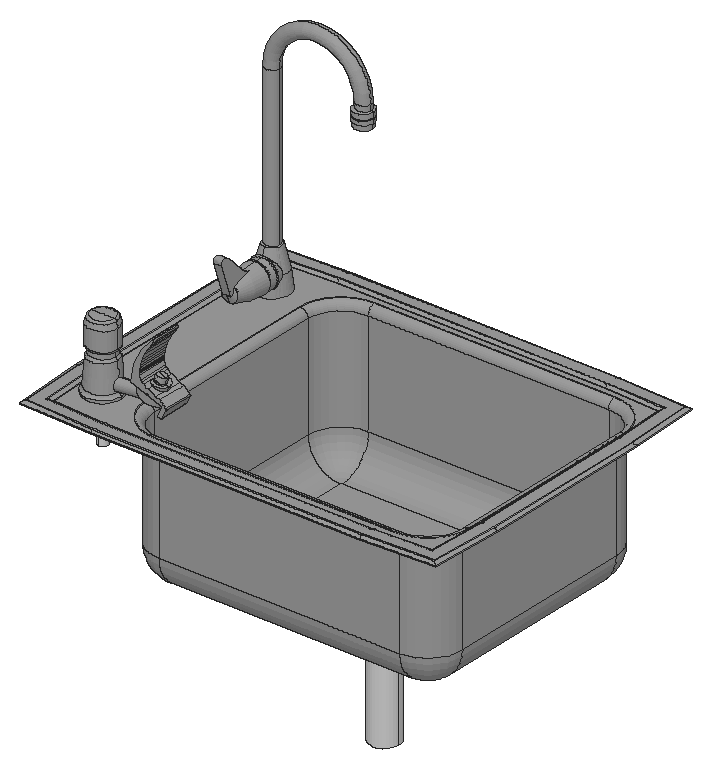
Revit family "equip-sink-clsrm-elkay-s-lustrtne-drkr2217lc", category Plumbing Fixtures, Revit 2019 (continued)
Definition of nested family "equip-bubbler-elkay-LK1141A"
  Automatic sketch dimensions
    Extrusion 4 sketch curve to Extrusion 4 sketch curve = 0' - 0.02134"
    Extrusion 4 sketch curve to Extrusion 4 sketch curve = 0' - 0.15941"
    plane 8 "Masking Region" to Extrusion 4 sketch curve = 0' - 0.25743"
    Extrusion 4 sketch curve to Extrusion 4 sketch curve = 0' - 0.46368"
    Extrusion 4 sketch curve to Extrusion 4 sketch curve = 0' - 0.13821"
    Extrusion 4 sketch curve to Extrusion 4 sketch curve = 0' - 0.20225"
    Extrusion 4 sketch curve to Extrusion 4 sketch curve = 0' - 0.11353"
    plane 8 "Masking Region" to Extrusion 4 sketch curve = 0' - 0.50139"
    Extrusion 4 sketch curve to Extrusion 4 sketch curve = 0' - 0.06529"
    Extrusion 4 sketch curve to Extrusion 4 sketch curve = 0' - 0.05449"
    plane 8 "Masking Region" to Extrusion 4 sketch curve = 0' - 0.58523"
    Extrusion 4 sketch curve to Extrusion 4 sketch curve = 0' - 0.04973"
    Extrusion 4 sketch curve to Extrusion 4 sketch curve = 0' - 0.04077"
    Extrusion 4 sketch curve to Extrusion 4 sketch curve = 0' - 0.03095"
    plane 8 "Masking Region" to Extrusion 4 sketch curve = 0' - 0.79129"
    Extrusion 4 sketch curve to Extrusion 4 sketch curve = 0' - 0.0691"
    Extrusion 4 sketch curve to Extrusion 4 sketch curve = 0' - 0.02318"
    plane 8 "Masking Region" to Extrusion 4 sketch curve = 0' - 0.99254"
    Extrusion 4 sketch curve to Extrusion 4 sketch curve = 0' - 0.00573"
    plane 8 "Masking Region" to Extrusion 4 sketch curve = 0' - 0.84887"
    Extrusion 4 sketch curve to Extrusion 4 sketch curve = 0' - 0.00775"
    plane 8 "Masking Region" to Extrusion 4 sketch curve = 0' - 0.94879"
    Extrusion 4 sketch curve to Extrusion 4 sketch curve = 0' - 0.00346"
    plane 8 "Masking Region" to Extrusion 4 sketch curve = 0' - 0.90116"
    Extrusion 4 sketch curve to Extrusion 4 sketch curve = 0' - 0.00067"
    plane 8 "Masking Region" to Extrusion 4 sketch curve = 0' - 0.29542"
    Extrusion 4 sketch curve to Extrusion 4 sketch curve = 0' - 0.54782"
    Extrusion 4 sketch curve to Extrusion 4 sketch curve = 0' - 0.037"
    Extrusion 4 sketch curve to Extrusion 4 sketch curve = 0' - 0.01821"
    Extrusion 4 sketch curve to Extrusion 4 sketch curve = 0' - 0.08332"
    Extrusion 4 sketch curve to Extrusion 4 sketch curve = 0' - 0.04079"
    Extrusion 4 sketch curve to Extrusion 4 sketch curve = 0' - 0.11952"
    Extrusion 4 sketch curve to Extrusion 4 sketch curve = 0' - 0.1288"
    Extrusion 4 sketch curve to Extrusion 4 sketch curve = 0' - 0.13956"
    Extrusion 4 sketch curve to Extrusion 4 sketch curve = 0' - 0.15222"
    Extrusion 4 sketch curve to Extrusion 4 sketch curve = 0' - 0 33/128"
    Extrusion 4 sketch curve to Extrusion 4 sketch curve = 0' - 0.2453"
    Extrusion 4 sketch curve to Extrusion 4 sketch curve = 0' - 0.2277"
    Extrusion 4 sketch curve to Extrusion 4 sketch curve = 0' - 0.02776"
    Extrusion 4 sketch curve to Extrusion 4 sketch curve = 0' - 0.0293"
    Extrusion 4 sketch curve to Extrusion 4 sketch curve = 0' - 0.02797"
    Extrusion 4 sketch curve to Extrusion 4 sketch curve = 0' - 0.02645"
    Extrusion 4 sketch curve to Extrusion 4 sketch curve = 0' - 0.1387"
    Extrusion 4 sketch curve to Extrusion 4 sketch curve = 0' - 0.03586"
    Extrusion 4 sketch curve to Extrusion 4 sketch curve = 0' - 0.01837"
    plane 8 "Masking Region" to Revolve 3 sketch curve = 0' - 0.60143"
    Revolve 3 sketch curve to plane 6 = 0' - 2.55789"
    plane 8 "Masking Region" to Revolve 3 sketch curve = 0' - 0.67547"
    Revolve 3 sketch curve to Revolve 3 sketch curve = 0' - 0.20343"
    plane 8 "Masking Region" to Revolve 3 sketch curve = 0' - 0.00034"
    Revolve 3 sketch curve to Revolve 3 sketch curve = 0' - 0.21399"
    plane 8 "Masking Region" to Revolve 3 sketch curve = 0' - 0.48632"
    Revolve 3 sketch curve to Revolve 3 sketch curve = 0' - 0.13244"
    Revolve 3 sketch curve to plane 8 "Masking Region" = 0' - 0.41205"
    Revolve 3 sketch curve to Revolve 3 sketch curve = 0' - 0.14681"
    plane 8 "Masking Region" to Revolve 3 sketch curve = 0' - 0.41207"
    Revolve 3 sketch curve to Revolve 3 sketch curve = 0' - 0.02702"
    Revolve 3 sketch curve to plane 8 "Masking Region" = 0' - 0.52147"
    Revolve 3 sketch curve to Revolve 3 sketch curve = 0' - 0.03895"
    plane 8 "Masking Region" to Revolve 3 sketch curve = 0' - 0.47756"
    plane 8 "Masking Region" to Revolve 3 sketch curve = 0' - 0.18859"
    Revolve 3 sketch curve to plane 8 "Masking Region" = 0' - 0.54909"
    Revolve 3 sketch curve to Revolve 3 sketch curve = 0' - 0.27066"
    plane 8 "Masking Region" to Revolve 3 sketch curve = 0' - 0.2938"
    Revolve 3 sketch curve to plane 8 "Masking Region" = 0' - 0.13403"
    Revolve 3 sketch curve to Revolve 3 sketch curve = 0' - 0.15571"
    radius of Sweep 2 sketch curve = 0' - 0 5/16"
    radius of curve 4 = 0' - 0.75014"
  Connectors (in)
    piping at (0, 0, -2.396449), diameter 0.5, driven by "Nominal Radius", driven by "CW Flow Rate"
      settings: on Extrusion 5, index 1, connector inside diameter 1/2", connector length 0' - 0", flow factor 0, pipe flow 2 GPM, pressure drop 0.00 psi, fitting loss kfactor 0, connector angle 0.00°, fixture units 0, engagement length 0' - 0", angle of deflection 0.00°, flow configuration 1, flow direction 1, fitting loss method 0, system type 29, joint type 0, gender type 0, connector reference index -1, connector utility 0, adjustable connector no, is connector primary yes, connector description "Cold Water Supply"
Definition of nested family "equip-faucet-elkay-LKD208513-L"
  Parameters
    Type Comments = ""
    Stem Material = none
    OmniClass Title = "Mixing Faucets"
    OmniClass Code = "23.45.55.17"
    Nominal Radius = Nominal Dia / 2  # 0' - 0 3/16"
    Nominal Dia = 0' - 0 3/8"
    Model = ""
    MasterFormat Title = "Commercial Faucets"
    MasterFormat Number = "22 42 39"
    Manufacturer = "Elkay"
    Keynote = ""
    HW Flow Rate = 2 GPM
    Faucet Material = none
    Description = ""
    Default Elevation = 3' - 0"
    Cost = 0
    CW Flow Rate = 2 GPM
    Assembly Code = "D2010900"
  Reference planes (in)
    plane 1 "Center (Front/Back)": y = 0
    plane 2 "Sink Deck": z = 0
    plane 3 "Center (Left/Right)": x = 0
    plane 4 "Bottom of Stem": z = -2.12225
    plane 5 "Masking Region": z = 1.25
    plane 6 "CL Back Conn": y = 0.2499908
    plane 7 "CL Front Conn": y = -0.2500092
    plane 8 "Back": y = 0.8717634
    plane 9 "Front": y = -0.8748039
    plane 10 "Right": x = 2.8962735
    plane 11 "Left": x = -2.8962735
  Forms (in)
    Sweep 1, solid, material <- "Faucet Material"
      path origin (0, 0, 0) x (0, 1, 0) y (0, 0, 1)
        loop
          line (0, 2.125) -> (0, 10.3750001)
          arc (0, 10.3750001) -> (-2.3752703, 12.75) -> (-4.7499999, 10.3744594) r 2.375
          line (-4.7499999, 10.3744594) -> (-4.7499999, 9.5941003)
      profile origin (0, 0, 6.25) x (0, -1, 0) y (1, 0, 0)
        loop
          circle (0, 0) r 0.375
    Revolve 2, solid, material <- "Faucet Material"
      sketch origin (0, 0, 0) x (1, 0, 0) y (0, 0, 1)
        loop
          line (0, 2.232) -> (0, 0) -> (0.8752501, 0)
          arc (0.8752501, 0) -> (0.8420182, 0.4847188) -> (0.7752433, 0.9659649) r 7
          arc (0.7752433, 0.9659649) -> (0.6469792, 1.5520504) -> (0.4690001, 2.125) r 7
          line (0.4690001, 2.125) -> (0.29525, 2.232) -> (0, 2.232)
        axis (0, 2.232) -> (0, 0)
      angle from 0 to 360
    Revolve 3, solid, material <- "Faucet Material"
      sketch origin (0, 0, 0) x (0, 1, 0) y (0, 0, 1)
        loop
          line (-4.7499999, 10.1878591) -> (-5.0554325, 10.1878591)
          arc (-5.0554325, 10.1878591) -> (-5.1404736, 10.0854811) -> (-5.2659999, 10.0412501) r 0.25
          line (-5.2659999, 10.0412501) -> (-5.266, 9.8112501) -> (-5.1775, 9.8112501) -> (-5.1775, 9.7152501) -> (-5.2625, 9.7152501) -> (-5.2625, 9.5302501) -> (-5.2307425, 9.5302501) -> (-5.2307425, 9.2652501) -> (-4.7499999, 9.2652501) -> (-4.7499999, 10.1878591)
        axis (-4.7499999, 10.1878591) -> (-4.7499999, 9.2652501)
      angle from 0 to 360
    Extrusion 4, solid, material <- "Stem Material"
      sketch origin (0, 0, 0) x (1, 0, 0) y (0, 1, 0)
        loop
          circle (0, -0.2500092) r 0.1875
      from -2.12225 to 0
    Extrusion 5, solid, material <- "Faucet Material"
      sketch origin (0, 0, 0) x (1, 0, 0) y (0, 0, 1)
        loop
          spline (-2.8962735, 2.6289157) -> (-2.9779129, 2.7023092) -> (-3.0612746, 2.7664581) -> (-3.143882, 2.8194563) -> (-3.2232804, 2.859729) -> (-3.2971108, 2.8860797) -> (-3.3631795, 2.8977255) -> (-3.4195233, 2.8943201) -> (-3.4644682, 2.875965) -> (-3.4966788, 2.8432054) -> (-3.5151979, 2.7970148) -> (-3.5194754, 2.7387654) -> (-3.5093841, 2.6701882)
          arc (-3.5093841, 2.6701882) -> (-3.2673467, 1.8076982) -> (-2.9532815, 0.96875) r 10.589852
          line (-2.9532815, 0.96875) -> (-1.7211454, 0.96875) -> (-1.7211454, 1.6265447) -> (-1.9586423, 1.7097506)
          arc (-1.9586423, 1.7097506) -> (-2.0664564, 1.762824) -> (-2.1584935, 1.8400887) r 0.5
          line (-2.1584935, 1.8400887) -> (-2.8962735, 2.6289157)
      from -0.2070313 to 0.2070313
    Revolve 6, solid, material <- "Faucet Material"
      sketch origin (0, 0, 0) x (1, 0, 0) y (0, 0, 1)
        loop
          line (-2.9532815, 0.96875) -> (-1.02025, 0.96875) -> (-1.02025, 1.49375) -> (-1.1349999, 1.49375) -> (-1.1349999, 1.73375)
          arc (-1.1349999, 1.73375) -> (-1.9602788, 1.6454009) -> (-2.7555227, 1.40775) r 4.5234572
          arc (-2.7555227, 1.40775) -> (-2.8568974, 1.189374) -> (-2.9532815, 0.96875) r 10.589852
        axis (-2.9532815, 0.96875) -> (-1.02025, 0.96875)
      angle from 0 to 360
    Extrusion 7, solid, material <- "Stem Material"
      sketch origin (0, 0, 0) x (1, 0, 0) y (0, 1, 0)
        loop
          circle (0, 0.2499908) r 0.1875
      from -2.12225 to 0
    Revolve 8, solid, material <- "Faucet Material"
      sketch origin (0, 0, 0) x (1, 0, 0) y (0, 0, 1)
        loop
          line (-1.02025, 0.96875) -> (0, 0.96875) -> (0, 1.6286896) -> (-0.5804985, 1.7627082)
          arc (-0.5804985, 1.7627082) -> (-0.615052, 1.7310048) -> (-0.660637, 1.7200021) r 0.09375
          arc (-0.660637, 1.7200021) -> (-0.840466, 1.7205601) -> (-1.02025, 1.7164984) r 7
          line (-1.02025, 1.7164984) -> (-1.02025, 0.96875)
        axis (-1.02025, 0.96875) -> (0, 0.96875)
      angle from 0 to 360
  Cuts and joins
    joined: Extrusion 5, Revolve 6
    joined: Revolve 2, Revolve 8
  Lines and regions (in)
    Masking region 1
      outline origin (0, 0, 1.25) x (0, -1, 0) y (1, 0, 0)
        loop
          arc (0.7920052, 0.3718698) -> (-0.8717634, -0.0008665) -> (0.7927429, -0.3702945) r 0.8734425
          arc (0.7927429, -0.3702945) -> (0.8748039, 0.0008696) -> (0.7920052, 0.3718698) r 0.876483
    Masking region 2
      outline origin (0, 0, 1.25) x (0, -1, 0) y (1, 0, 0)
        loop
          arc (0, 0.375) -> (-0.375, 0) -> (0, -0.375) r 0.375
          line (0, -0.375) -> (4.4325976, -0.375)
          arc (4.4325976, -0.375) -> (5.271116, 0) -> (4.4325976, 0.375) r 0.5031124
          line (4.4325976, 0.375) -> (0, 0.375)
    Masking region 3
      outline origin (0, 0, 1.25) x (0, -1, 0) y (1, 0, 0)
        loop
          line (0.525, -1.02025) -> (0.748021, -1.02025) -> (0.7508321, -0.6354943)
          arc (0.7508321, -0.6354943) -> (0.7633642, -0.5985315) -> (0.7954714, -0.5763407) r 0.0621162
          line (0.7954714, -0.5763407) -> (0.7688415, -0.3997583)
          arc (0.7688415, -0.3997583) -> (-0.0004519, -0.8667545) -> (-0.768544, -0.397785) r 0.8653064
          line (-0.768544, -0.397785) -> (-0.7954714, -0.5763407)
          arc (-0.7954714, -0.5763407) -> (-0.7633642, -0.5985315) -> (-0.7508321, -0.6354943) r 0.0621162
          line (-0.7508321, -0.6354943) -> (-0.748021, -1.02025) -> (-0.525, -1.02025) -> (-0.525, -1.1349999) -> (-0.765, -1.1349999)
          arc (-0.765, -1.1349999) -> (-0.6767038, -1.9602911) -> (-0.4389654, -2.7555157) r 4.5192596
          line (-0.4389654, -2.7555157) -> (-0.2070313, -2.8630131) -> (0.2070313, -2.8630131) -> (0.4389654, -2.7555157)
          arc (0.4389654, -2.7555157) -> (0.6767038, -1.9602911) -> (0.765, -1.1349999) r 4.5192596
          line (0.765, -1.1349999) -> (0.525, -1.1349999) -> (0.525, -1.02025)
    Masking region 4
      outline origin (0, 0, 1.25) x (0, -1, 0) y (1, 0, 0)
        loop
          line (0.2070313, -3.5197715) -> (0.2070313, -1.4017801) -> (-0.2070312, -1.4017801) -> (-0.2070312, -3.5197715) -> (0.2070313, -3.5197715)
    reference lines, not visible
      curve 1: line (0, 0, 0.2813991) -> (0, 0, 2.8483181)
      curve 2: line (0, 0, 2.4508523) -> (0, 0, 0.2813991)
      curve 3: line (0, 0, 2.4508523) -> (0, 0, 0.2813991)
      curve 4: line (0, 0, 7.0063991) -> (0, 0, 0.2813991)
      curve 5: line (0, 0, 6.2563991) -> (0, 0, 0.2813991)
      curve 6: line (0, 0, 2.6763937) -> (0, 0, 1.3263991)
      curve 7: line (0, 0, 2.9662485) -> (0, 0, 0.2813991)
      curve 8: line (0, 0, 3.4210792) -> (0, 0, 0.2813991)
      curve 10: line (0, 0, 0.2813991) -> (0, 0, 2.8483181)
      curve 11: line (0, 0, 2.4508523) -> (0, 0, 0.2813991)
      curve 12: line (0, 0, 2.4508523) -> (0, 0, 0.2813991)
      curve 13: line (0, 0, 7.0063991) -> (0, 0, 0.2813991)
      curve 14: line (0, 0, 6.2563991) -> (0, 0, 0.2813991)
      curve 15: line (0, 0, 2.6763937) -> (0, 0, 1.3263991)
      curve 16: line (0, 0, 2.9662485) -> (0, 0, 0.2813991)
      curve 17: line (0, 0, 3.4210792) -> (0, 0, 0.2813991)
    symbolic lines
      curve 9: arc (0.375, -0.3283046, 1.25) -> (0, 0.4984063, 1.25) -> (-0.375, -0.3283046, 1.25) r 0.4984063
      curve 18: line (-0.5756114, -0.7954714, 1.25) -> (-0.5756114, -0.6480323, 1.25)
      curve 19: line (-1.02025, 0.525, 1.25) -> (-1.02025, -0.525, 1.25)
      curve 20: line (-1.1349999, 0.525, 1.25) -> (-1.1349999, -0.525, 1.25)
      curve 21: line (-0.5756114, 0.7954714, 1.25) -> (-0.5756114, 0.6480323, 1.25)
      curve 24: line (0.375, -4.7693411, 0) -> (0.375, -4.4325976, 0)
      curve 25: arc (-0.375, -4.7693411, 0) -> (0, -5.1443411, 0) -> (0.375, -4.7693411, 0) r 0.375
      curve 26: line (-0.375, -4.4325976, 0) -> (-0.375, -4.7693411, 0)
    reference lines
      curve 22: circle (0, 0.2499908, 0) r 0.1875 normal (0, 0, 1)
      curve 23: circle (0, -0.2500092, 0) r 0.1875 normal (0, 0, 1)
  Dimensions and locks (in)
    locked: plane 5 "Masking Region" to plane 2 "Sink Deck" at 1.25
    "Nominal Radius": radius of curve 22
    "Nominal Radius": radius of curve 23
    aligned and locked: Extrusion 4 sketch curve to curve 23
    aligned and locked: Extrusion 7 sketch curve to curve 22
    aligned and locked: Extrusion 7 to plane 4 "Bottom of Stem"
    aligned and locked: Extrusion 4 to plane 4 "Bottom of Stem"
    aligned and locked: plane 2 "Sink Deck" to Extrusion 7
    aligned and locked: plane 2 "Sink Deck" to Extrusion 4
  Automatic sketch dimensions
    curve 23 to plane 3 "Center (Left/Right)" = 0' - 0"
    curve 22 to plane 3 "Center (Left/Right)" = 0' - 0"
    curve 23 to plane 7 "CL Front Conn" = 0' - 0"
    curve 22 to plane 6 "CL Back Conn" = 0' - 0"
    curve 1 to plane 1 "Center (Front/Back)" = 0' - 0"
    curve 2 to plane 1 "Center (Front/Back)" = 0' - 0"
    curve 3 to plane 1 "Center (Front/Back)" = 0' - 0"
    curve 4 to plane 1 "Center (Front/Back)" = 0' - 0"
    curve 5 to plane 1 "Center (Front/Back)" = 0' - 0"
    curve 6 to plane 1 "Center (Front/Back)" = 0' - 0"
    curve 7 to plane 1 "Center (Front/Back)" = 0' - 0"
    curve 8 to plane 1 "Center (Front/Back)" = 0' - 0"
    curve 10 to plane 1 "Center (Front/Back)" = 0' - 0"
    curve 11 to plane 1 "Center (Front/Back)" = 0' - 0"
    curve 12 to plane 1 "Center (Front/Back)" = 0' - 0"
    curve 13 to plane 1 "Center (Front/Back)" = 0' - 0"
    curve 14 to plane 1 "Center (Front/Back)" = 0' - 0"
    curve 15 to plane 1 "Center (Front/Back)" = 0' - 0"
    curve 16 to plane 1 "Center (Front/Back)" = 0' - 0"
    curve 17 to plane 1 "Center (Front/Back)" = 0' - 0"
    level to curve 1 = 0' - 0.2814"
    curve 16 to curve 1 = 0' - 0"
    curve 14 to curve 16 = 0' - 0"
    curve 2 to curve 14 = 0' - 0"
    curve 13 to curve 14 = 0' - 0"
    curve 3 to curve 2 = 0' - 0"
    curve 12 to curve 13 = 0' - 0"
    curve 4 to curve 2 = 0' - 0"
    curve 11 to curve 12 = 0' - 0"  (x2)
    curve 5 to curve 4 = 0' - 0"
    curve 10 to curve 1 = 0' - 0"  (x2)
    curve 8 to curve 2 = 0' - 0"
    curve 7 to curve 8 = 0' - 0"
    curve 17 to curve 11 = 0' - 0"
    plane 5 "Masking Region" to curve 6 = 0' - 0.0764"
    curve 15 to curve 6 = 0' - 0"  (x2)
    curve 6 to curve 3 = 0' - 1.12445"
    curve 12 to curve 3 = 0' - 0"
    curve 2 to curve 3 = 0' - 0"
    curve 2 to curve 6 = 0' - 0.22554"
    curve 6 to curve 1 = 0' - 0.17192"
    curve 1 to curve 16 = 0' - 0.11793"
    curve 7 to curve 16 = 0' - 0"
    curve 7 to curve 17 = 0' - 0.45483"
    curve 8 to curve 17 = 0' - 0"
    curve 8 to curve 5 = 0' - 2.83532"
    curve 14 to curve 5 = 0' - 0"
    curve 5 to curve 13 = 0' - 0 3/4"
    curve 4 to curve 13 = 0' - 0"
    Sweep 1 sketch curve to plane 1 "Center (Front/Back)" = 0' - 0"
    Sweep 1 sketch curve to Sweep 1 sketch curve = 0' - 2 3/8"
    plane 5 "Masking Region" to Sweep 1 sketch curve = 0' - 0 7/8"
    plane 5 "Masking Region" to Sweep 1 sketch curve = 0' - 8.3441"
    Sweep 1 sketch curve to Sweep 1 sketch curve = 0' - 0.78036"
    Sweep 1 sketch curve to plane 3 "Center (Left/Right)" = 0' - 0"
    Sweep 1 sketch curve to profile plane = 0' - 0"
    Revolve 2 sketch curve to Revolve 2 sketch curve = 0' - 0"  (x3)
    Revolve 2 sketch curve to level = 0' - 0"  (x2)
    Revolve 2 sketch curve to plane 3 "Center (Left/Right)" = 0' - 0"  (x2)
    Revolve 2 sketch curve to level = 0' - 0.23614"
    Revolve 2 sketch curve to plane 3 "Center (Left/Right)" = 0' - 6.12077"
    plane 3 "Center (Left/Right)" to Revolve 2 sketch curve = 0' - 0.29525"
    Revolve 2 sketch curve to Revolve 2 sketch curve = 0' - 0.17375"
    Revolve 2 sketch curve to plane 5 "Masking Region" = 0' - 0.28404"
    plane 3 "Center (Left/Right)" to Revolve 2 sketch curve = 0' - 0.77524"
    Revolve 2 sketch curve to Revolve 2 sketch curve = 0' - 0.107"
    Revolve 3 sketch curve to Revolve 3 sketch curve = 0' - 0.01732"
    Revolve 3 sketch curve to Revolve 3 sketch curve = 0' - 0"  (x3)
    Revolve 3 sketch curve to Revolve 3 sketch curve = 0' - 0.0035"
    Revolve 3 sketch curve to Revolve 3 sketch curve = 0' - 0.03176"
    Revolve 3 sketch curve to Revolve 3 sketch curve = 0' - 0.085"
    Revolve 3 sketch curve to Revolve 3 sketch curve = 0' - 0.22789"
    Revolve 3 sketch curve to Revolve 3 sketch curve = 0' - 0.30543"
    plane 5 "Masking Region" to Revolve 3 sketch curve = 0' - 8.01525"
    Revolve 3 sketch curve to Revolve 3 sketch curve = 0' - 0.265"
    Revolve 3 sketch curve to Revolve 3 sketch curve = 0' - 0.185"
    Revolve 3 sketch curve to Revolve 3 sketch curve = 0' - 0.05968"
    Revolve 3 sketch curve to Revolve 3 sketch curve = 0' - 0.096"
    Revolve 3 sketch curve to Revolve 3 sketch curve = 0' - 0.23"
    Revolve 3 sketch curve to Revolve 3 sketch curve = 0' - 0.14661"
    Masking region 1 sketch curve to plane 3 "Center (Left/Right)" = 0' - 0"
    Masking region 1 sketch curve to plane 1 "Center (Front/Back)" = 0' - 0.00168"
    plane 3 "Center (Left/Right)" to Masking region 1 sketch curve = 0' - 0"
    plane 1 "Center (Front/Back)" to Masking region 1 sketch curve = 0' - 0.00168"
    plane 1 "Center (Front/Back)" to Masking region 2 sketch curve = 0' - 0"
    plane 1 "Center (Front/Back)" to curve 9 = 0' - 0"
    curve 9 to plane 3 "Center (Left/Right)" = 0' - 0"
    plane 6 "CL Back Conn" to curve 20 = 0' - 0.27501"
    curve 20 to curve 19 = 0' - 0"  (x2)
    plane 6 "CL Back Conn" to curve 21 = 0' - 0.39804"
    curve 21 to curve 21 = 0' - 0.14744"
    curve 9 to plane 7 "CL Front Conn" = 0' - 0.0783"  (x2)
    curve 19 to plane 7 "CL Front Conn" = 0' - 0.27499"
    curve 9 to curve 18 = 0' - 0.31973"
    curve 18 to curve 18 = 0' - 0.14744"
    curve 9 to plane 3 "Center (Left/Right)" = 0' - 0 3/8"
    curve 18 to curve 9 = 0' - 0.20061"
    curve 21 to plane 3 "Center (Left/Right)" = 0' - 0.57561"
    curve 19 to curve 18 = 0' - 0.44464"
    curve 20 to curve 19 = 0' - 0.11475"
    Masking region 3 sketch curve to plane 3 "Center (Left/Right)" = 0' - 1.06891"  (x2)
    Masking region 3 sketch curve to Masking region 3 sketch curve = 0' - 0.01748"
    Masking region 3 sketch curve to Masking region 3 sketch curve = 0' - 0.02693"
    Masking region 3 sketch curve to Masking region 3 sketch curve = 0' - 0.06211"  (x2)
    Masking region 3 sketch curve to Masking region 3 sketch curve = 0' - 0.01698"  (x2)
    Masking region 3 sketch curve to Masking region 3 sketch curve = 0' - 0.22302"  (x2)
    plane 6 "CL Back Conn" to Masking region 3 sketch curve = 0' - 0.18897"
    Masking region 3 sketch curve to plane 6 "CL Back Conn" = 0' - 0 11/256"
    plane 1 "Center (Front/Back)" to Masking region 3 sketch curve = 0' - 0.00066"
    plane 7 "CL Front Conn" to Masking region 3 sketch curve = 0' - 0 11/256"
    Masking region 3 sketch curve to plane 7 "CL Front Conn" = 0' - 0.18896"
    Masking region 3 sketch curve to plane 7 "CL Front Conn" = 0' - 0.27499"
    Masking region 3 sketch curve to Masking region 3 sketch curve = 0' - 0.01801"
    Masking region 3 sketch curve to Masking region 3 sketch curve = 0' - 0.04464"
    Masking region 3 sketch curve to plane 3 "Center (Left/Right)" = 0' - 1.135"
    Masking region 3 sketch curve to Masking region 3 sketch curve = 0' - 0"
    Masking region 3 sketch curve to Masking region 3 sketch curve = 0' - 0.1075"
    Masking region 3 sketch curve to Masking region 3 sketch curve = 0' - 0.11475"  (x2)
    Masking region 3 sketch curve to Masking region 3 sketch curve = 0' - 0.3843"  (x2)
    Masking region 3 sketch curve to Masking region 3 sketch curve = 0' - 0.00045"  (x2)
    Masking region 3 sketch curve to Masking region 3 sketch curve = 0' - 0.17658"
    Masking region 3 sketch curve to Masking region 3 sketch curve = 0' - 0.17856"
    Masking region 4 sketch curve to plane 6 "CL Back Conn" = 0' - 0 11/256"
    plane 7 "CL Front Conn" to Masking region 4 sketch curve = 0' - 0 11/256"
    Masking region 4 sketch curve to plane 3 "Center (Left/Right)" = 0' - 3.51977"
    Masking region 4 sketch curve to plane 3 "Center (Left/Right)" = 0' - 1.40178"
    Masking region 3 sketch curve to plane 1 "Center (Front/Back)" = 0' - 0.525"
    Masking region 3 sketch curve to Masking region 3 sketch curve = 0' - 0.00281"  (x2)
    Masking region 3 sketch curve to Masking region 3 sketch curve = 0' - 2.94083"  (x2)
    Sweep 1 sketch curve to plane 7 "CL Front Conn" = 0' - 2 1/8"
    Revolve 3 sketch curve to plane 7 "CL Front Conn" = 0' - 5.03331"
    Masking region 1 sketch curve to plane 7 "CL Front Conn" = 0' - 0.542"
    Masking region 1 sketch curve to plane 3 "Center (Left/Right)" = 0' - 0.37029"
    Revolve 8 sketch curve to plane 3 "Center (Left/Right)" = 0' - 0"
    Revolve 8 sketch curve to plane 3 "Center (Left/Right)" = 0' - 0.5805"
    Revolve 8 sketch curve to Revolve 8 sketch curve = 0' - 0.07864"
    Revolve 8 sketch curve to Revolve 8 sketch curve = 0' - 0.08014"
    Revolve 8 sketch curve to Revolve 8 sketch curve = 0' - 0"
    Revolve 8 sketch curve to plane 3 "Center (Left/Right)" = 0' - 0.77227"
    Revolve 8 sketch curve to Revolve 8 sketch curve = 0' - 0.35961"
    Revolve 8 sketch curve to plane 5 "Masking Region" = 0' - 0 9/32"  (x2)
    plane 11 "Left" to Revolve 8 sketch curve = 0' - 2.89627"
    plane 11 "Left" to Revolve 8 sketch curve = 0' - 1.87602"
    plane 5 "Masking Region" to Revolve 8 sketch curve = 0' - 0.37869"
    Revolve 8 sketch curve to plane 4 "Bottom of Stem" = 0' - 3.15686"
    plane 5 "Masking Region" to Revolve 8 sketch curve = 0' - 0.4665"
    Revolve 6 sketch curve to plane 11 "Left" = 0' - 0.05701"
    Revolve 6 sketch curve to Revolve 6 sketch curve = 0' - 0"  (x2)
    plane 11 "Left" to Revolve 6 sketch curve = 0' - 0.14075"
    plane 5 "Masking Region" to Revolve 6 sketch curve = 0' - 0.24375"
    Revolve 6 sketch curve to plane 3 "Center (Left/Right)" = 0' - 1.135"
    Revolve 6 sketch curve to plane 4 "Bottom of Stem" = 0' - 0.66696"
    Revolve 6 sketch curve to plane 3 "Center (Left/Right)" = 0' - 1.06817"
    Revolve 6 sketch curve to Revolve 6 sketch curve = 0' - 0.11475"  (x2)
    Revolve 6 sketch curve to plane 4 "Bottom of Stem" = 0' - 1.0379"
    Revolve 6 sketch curve to plane 10 "Right" = 0' - 3.90222"
    Revolve 6 sketch curve to plane 5 "Masking Region" = 0' - 0 9/32"
    Extrusion 5 sketch curve to plane 11 "Left" = 0' - 0"
    Extrusion 5 sketch curve to plane 11 "Left" = 0' - 0.13961"
    Extrusion 5 sketch curve to Extrusion 5 sketch curve = 0' - 0.4735"
    Extrusion 5 sketch curve to plane 5 "Masking Region" = 0' - 0 9/32"
    plane 11 "Left" to Extrusion 5 sketch curve = 0' - 0.3035"
    Extrusion 5 sketch curve to Extrusion 5 sketch curve = 0' - 0.43428"
    Extrusion 5 sketch curve to Extrusion 5 sketch curve = 0' - 0.19985"
    Extrusion 5 sketch curve to Extrusion 5 sketch curve = 0' - 0.36517"
    Extrusion 5 sketch curve to Extrusion 5 sketch curve = 0' - 0.2375"
    Extrusion 5 sketch curve to plane 10 "Right" = 0' - 3.90222"
    plane 5 "Masking Region" to Extrusion 5 sketch curve = 0' - 0.37654"
    Extrusion 5 sketch curve to Extrusion 5 sketch curve = 0' - 0.08321"
    Extrusion 5 sketch curve to Extrusion 5 sketch curve = 0' - 0.13034"
    Extrusion 5 sketch curve to Extrusion 5 sketch curve = 0' - 0.07775"
    Extrusion 5 sketch curve to Extrusion 5 sketch curve = 0' - 0.23774"
    Extrusion 5 sketch curve to plane 11 "Left" = 0' - 0.05701"
    Masking region 2 sketch curve to plane 3 "Center (Left/Right)" = 0' - 0"  (x2)
    Masking region 2 sketch curve to plane 3 "Center (Left/Right)" = 0' - 0 3/8"
    Masking region 2 sketch curve to plane 9 "Front" = 0' - 3.55779"
    Masking region 2 sketch curve to Masking region 2 sketch curve = 0' - 0.33541"
    curve 25 to plane 3 "Center (Left/Right)" = 0' - 0"
    curve 25 to curve 25 = 0' - 0 3/8"
    curve 25 to plane 9 "Front" = 0' - 3 229/256"
    curve 24 to curve 24 = 0' - 0.33674"
    curve 25 to curve 26 = 0' - 0.33674"
    radius of Sweep 1 sketch curve = 0' - 0 3/8"
  Connectors (in)
    piping at (0, -0.2500092, -2.12225), diameter 0.375, driven by "Nominal Radius", driven by "HW Flow Rate"
      settings: on Extrusion 4, index 1, connector inside diameter 3/8", connector length 0' - 0", flow factor 0, pipe flow 2 GPM, pressure drop 0.00 psi, fitting loss kfactor 0, connector angle 0.00°, fixture units 0, engagement length 0' - 0", angle of deflection 0.00°, flow configuration 1, flow direction 1, fitting loss method 0, system type 29, joint type 0, gender type 0, connector reference index -1, connector utility 0, adjustable connector no, is connector primary yes, connector description "Hot Water Supply"
    piping at (0, 0.2499908, -2.12225), diameter 0.375, driven by "CW Flow Rate", driven by "Nominal Radius"
      settings: on Extrusion 7, index 2, connector inside diameter 3/8", connector length 0' - 0", flow factor 0, pipe flow 2 GPM, pressure drop 0.00 psi, fitting loss kfactor 0, connector angle 0.00°, fixture units 0, engagement length 0' - 0", angle of deflection 0.00°, flow configuration 1, flow direction 1, fitting loss method 0, system type 29, joint type 0, gender type 0, connector reference index -1, connector utility 0, adjustable connector no, is connector primary no, connector description "Cold Water Supply"
Definition of nested family "equip-drain-elkay-LK35"
  Parameters
    Type Comments = ""
    Stem Material = none
    OmniClass Title = "Drains (Wastes)"
    OmniClass Code = "23.45.55.21"
    Model = "LK35"
    MasterFormat Title = "Plumbing"
    MasterFormat Number = "22 00 00"
    Manufacturer = "Elkay"
    Keynote = ""
    Drain Material = none
    Description = ""
    Default Elevation = 0' - 0"
    Cost = 0
    Assembly Code = "D2030400"
  Reference planes (in)
    plane 1 "Center (Front/Back)": y = 0.1875
    plane 2 "Sink Bowl Bottom (Top Face)": z = 0
    plane 3 "Center (Left/Right)": x = 0
    plane 4 "Bottom of Pipe Extension": z = -7.5
    plane 5 "Bottom of Drain Basket": z = -2
    plane 6: y = -2.0625
    plane 7: y = 2.4375
  Forms (in)
    Extrusion 1, solid, material <- "Stem Material"
      sketch origin (0, 0, 0) x (1, 0, 0) y (0, 1, 0)
        loop
          circle (0, 0.1875) r 0.75
      from -7.5 to -2
    Revolve 2, solid, material <- "Drain Material"
      sketch origin (0, 0.1875, 0) x (1, 0, 0) y (0, 0, 1)
        loop
          arc (1.0902439, -1.7526044) -> (1.1262395, -1.6873477) -> (1.195166, -1.6583919) r 0.1120789
          arc (1.195166, -1.6583919) -> (1.497604, -1.519626) -> (1.6210938, -1.2106356) r 0.4483156
          line (1.6210938, -1.2106356) -> (1.6210938, -0.1681184)
          arc (1.6210938, -0.1681184) -> (1.6703345, -0.0492407) -> (1.7892121, 0) r 0.1681184
          line (1.7892121, 0) -> (2.25, 0) -> (2.25, -0.1168909) -> (1.7724158, -0.1168909)
          arc (1.7724158, -0.1168909) -> (1.7565654, -0.1234564) -> (1.75, -0.1393067) r 0.0224158
          line (1.75, -0.1393067) -> (1.75, -1.5516844)
          arc (1.75, -1.5516844) -> (1.6186914, -1.8686914) -> (1.3016844, -2) r 0.4483156
          line (1.3016844, -2) -> (0.5625, -2) -> (0.5625, -1.8270695) -> (0.9990558, -1.8270695)
          arc (0.9990558, -1.8270695) -> (1.0570118, -1.8058211) -> (1.087499, -1.7521469) r 0.0896631
        axis (0, 0) -> (0, -2)
      angle from 0 to 360
    Revolve 3, solid, material <- "Drain Material"
      sketch origin (-0.1792555, 0.1875, 3.9475091) x (1, 0, 0) y (0, 0, 1)
        loop
          line (0.4473134, -4.8850091) -> (1.8003492, -4.1350091) -> (1.7439482, -4.1350091) -> (0.4402418, -4.8576653) -> (0.3293153, -4.8576653) -> (0.3072087, -4.1489566) -> (0.3938715, -4.1489566)
          arc (0.3938715, -4.1489566) -> (0.4072872, -4.1417429) -> (0.4086671, -4.1265733) r 0.0160817
          line (0.4086671, -4.1265733) -> (0.3823985, -4.0648975)
          arc (0.3823985, -4.0648975) -> (0.2816841, -4.0448039) -> (0.1792555, -4.0373528) r 0.8266894
          line (0.1792555, -4.0373528) -> (0.1792555, -4.8850091) -> (0.4473134, -4.8850091)
        axis (0.1792555, -4.0373528) -> (0.1792555, -4.8850091)
      angle from 0 to 360
  Lines and regions (in)
    Masking region 1
      outline origin (0, 0, 1.25) x (0, -1, 0) y (1, 0, 0)
        loop
          arc (0.6045052, 0.3718698) -> (-1.0592634, -0.0008665) -> (0.6052429, -0.3702945) r 0.8734425
          arc (0.6052429, -0.3702945) -> (0.6873039, 0.0008696) -> (0.6045052, 0.3718698) r 0.876483
  Dimensions and locks (in)
    locked: plane 2 "Sink Bowl Bottom (Top Face)" to plane 4 "Bottom of Pipe Extension" at 7.5
    locked: plane 6 to plane 7 at 4.5
    equal spacing: plane 6, plane 1 "Center (Front/Back)", plane 7
    locked: plane 2 "Sink Bowl Bottom (Top Face)" to plane 5 "Bottom of Drain Basket" at 2
    angle Revolve 3 sketch curve to Revolve 3 sketch curve = 29.00°
    aligned and locked: plane 5 "Bottom of Drain Basket" to Extrusion 1
    aligned and locked: Extrusion 1 to plane 4 "Bottom of Pipe Extension"
  Automatic sketch dimensions
    Masking region 1 sketch curve to plane 3 "Center (Left/Right)" = 0' - 0"
    Masking region 1 sketch curve to plane 1 "Center (Front/Back)" = 0' - 0.00168"
    plane 3 "Center (Left/Right)" to Masking region 1 sketch curve = 0' - 0"
    plane 1 "Center (Front/Back)" to Masking region 1 sketch curve = 0' - 0.00168"
    plane 3 "Center (Left/Right)" to Masking region 1 sketch curve = 0' - 0.37187"
    plane 1 "Center (Front/Back)" to Masking region 1 sketch curve = 0' - 0.79201"
    Revolve 2 sketch curve to level = 0' - 0"  (x2)
    Revolve 2 sketch curve to plane 3 "Center (Left/Right)" = 0' - 0"
    Revolve 2 sketch curve to plane 5 "Bottom of Drain Basket" = 0' - 0"  (x2)
    plane 5 "Bottom of Drain Basket" to Revolve 2 sketch curve = 0' - 0.17293"
    plane 3 "Center (Left/Right)" to Revolve 2 sketch curve = 0' - 0 9/16"
    Revolve 2 sketch curve to Revolve 2 sketch curve = 0' - 0.08844"
    Revolve 2 sketch curve to Revolve 2 sketch curve = 0' - 0.00274"
    Revolve 2 sketch curve to Revolve 2 sketch curve = 0' - 0.08528"
    Revolve 2 sketch curve to Revolve 2 sketch curve = 0' - 0.10492"
    Revolve 2 sketch curve to Revolve 2 sketch curve = 0' - 0.00003"
    Revolve 2 sketch curve to Revolve 2 sketch curve = 0' - 0.0056"
    Revolve 2 sketch curve to Revolve 2 sketch curve = 0' - 0.10652"
    Revolve 2 sketch curve to Revolve 2 sketch curve = 0' - 0.44832"
    Revolve 2 sketch curve to Revolve 2 sketch curve = 0' - 0 33/256"
    Revolve 2 sketch curve to Revolve 2 sketch curve = 0' - 0.02242"
    Revolve 2 sketch curve to Revolve 2 sketch curve = 0' - 0.0168"
    Revolve 2 sketch curve to Revolve 2 sketch curve = 0' - 0.46079"
    Revolve 2 sketch curve to Revolve 2 sketch curve = 0' - 0.05604"
    Revolve 2 sketch curve to Revolve 2 sketch curve = 0' - 0.01843"
    Revolve 2 sketch curve to Revolve 2 sketch curve = 0' - 0.00046"
    Revolve 2 sketch curve to Revolve 2 sketch curve = 0' - 0.0007"
    Revolve 2 sketch curve to Revolve 2 sketch curve = 0' - 0.02881"
    Revolve 2 sketch curve to Revolve 2 sketch curve = 0' - 0.43656"
    Revolve 3 sketch curve to plane 3 "Center (Left/Right)" = 0' - 0"  (x2)
    Revolve 3 sketch curve to plane 3 "Center (Left/Right)" = 0' - 0.00865"
    plane 3 "Center (Left/Right)" to Revolve 3 sketch curve = 0' - 0.12795"
    plane 3 "Center (Left/Right)" to Revolve 3 sketch curve = 0' - 0.15006"
    Revolve 3 sketch curve to Revolve 3 sketch curve = 0' - 0.07519"
    Revolve 3 sketch curve to Revolve 3 sketch curve = 0' - 0.01147"
    Revolve 3 sketch curve to Revolve 3 sketch curve = 0' - 0.0148"
    Revolve 3 sketch curve to Revolve 3 sketch curve = 0' - 0.11093"
    Revolve 3 sketch curve to Revolve 3 sketch curve = 0' - 0.00707"
    Revolve 3 sketch curve to level = 0' - 0 3/16"
    Revolve 3 sketch curve to Revolve 3 sketch curve = 0' - 1.33528"
    Revolve 3 sketch curve to Revolve 3 sketch curve = 0' - 0.0564"
    Revolve 3 sketch curve to Revolve 3 sketch curve = 0' - 0.02101"
    Revolve 3 sketch curve to Revolve 3 sketch curve = 0' - 0 7/256"
    Revolve 3 sketch curve to Revolve 3 sketch curve = 0' - 0.16649"
    Revolve 3 sketch curve to level = 0' - 0.20145"
    Revolve 3 sketch curve to Revolve 3 sketch curve = 0' - 0.01608"
    Revolve 3 sketch curve to Revolve 3 sketch curve = 0' - 0.06168"
    Revolve 3 sketch curve to Revolve 3 sketch curve = 0' - 0"
    plane 1 "Center (Front/Back)" to Extrusion 1 sketch curve = 0' - 0"
    Extrusion 1 sketch curve to plane 3 "Center (Left/Right)" = 0' - 0"
    radius of Extrusion 1 sketch curve = 0' - 0 3/4"
Definition of nested family "plan-detail-faucet-elkay-LKD208513-l"
  Reference planes (in)
    plane 1 "Center (Front/Back)": y = 0
    plane 2: z = 0
    plane 3 "Center (Left/Right)": x = 0
  Lines and regions (in)
    Masking region 1, in view "Ref. Level"
      outline origin (0, 0, 0) x (1, 0, 0) y (0, 1, 0)
        loop
          line (0.375, -0.7905248) -> (0.375, 0)
          arc (0.375, 0) -> (0, 0.375) -> (-0.375, 0) r 0.375
          line (-0.375, 0) -> (-0.375, -0.7905232)
          arc (-0.375, -0.7905232) -> (0.0000035, 0.8717638) -> (0.375, -0.7905248) r 0.8734425
    Masking region 2, in view "Ref. Level"
      outline origin (0, 0, 0) x (1, 0, 0) y (0, 1, 0)
        loop
          line (0.375, -4.7693411) -> (0.375, 0)
          arc (0.375, 0) -> (0, 0.375) -> (-0.375, 0) r 0.375
          line (-0.375, 0) -> (-0.375, -4.7693411)
          arc (-0.375, -4.7693411) -> (0, -5.1443411) -> (0.375, -4.7693411) r 0.375
    Masking region 3, in view "Ref. Level"
      outline origin (0, 0, 0) x (0, 1, 0) y (-1, 0, 0)
        loop
          line (0.2070312, 1.4978714) -> (0.2070312, 2.8012443) -> (-0.2070312, 2.8012443) -> (-0.2070312, 1.4978714) -> (0.2070312, 1.4978714)
    Masking region 4, in view "Ref. Level"
      outline origin (0, 0, 0) x (0, 1, 0) y (-1, 0, 0)
        loop
          line (0.2070312, 1.4017801) -> (0.2070312, 3.5197715) -> (-0.2070312, 3.5197715) -> (-0.2070312, 1.4017801) -> (0.2070312, 1.4017801)
    Masking region 5, in view "Ref. Level"
      outline origin (0, 0, 0) x (0, 1, 0) y (-1, 0, 0)
        loop
          line (0.750137, 1.02025) -> (0.5247903, 1.02025) -> (0.5247903, 1.1349999) -> (0.765, 1.1349999)
          arc (0.765, 1.1349999) -> (0.6767038, 1.9602911) -> (0.4389654, 2.7555157) r 4.5192596
          line (0.4389654, 2.7555157) -> (0.2070312, 2.8630131) -> (0.2070312, 1.4017801) -> (-0.2070313, 1.4017801) -> (-0.2070313, 2.8630131) -> (-0.4389654, 2.7555157)
          arc (-0.4389654, 2.7555157) -> (-0.6767038, 1.9602911) -> (-0.765, 1.1349999) r 4.5192596
          line (-0.765, 1.1349999) -> (-0.5247903, 1.1349999) -> (-0.5247903, 1.02025) -> (-0.750137, 1.02025) -> (-0.7508305, 0.6359481)
          arc (-0.7508305, 0.6359481) -> (-0.7632278, 0.5987129) -> (-0.7954714, 0.5763407) r 0.0621162
          line (-0.7954714, 0.5763407) -> (-0.7709421, 0.4136872)
          arc (-0.7709421, 0.4136872) -> (0.0011012, 0.8734398) -> (0.7702024, 0.4087821) r 0.8734425
          line (0.7702024, 0.4087821) -> (0.7954714, 0.5763407)
          arc (0.7954714, 0.5763407) -> (0.7632278, 0.5987129) -> (0.750137, 0.6359481) r 0.0621162
          line (0.750137, 0.6359481) -> (0.750137, 1.02025)
    detail lines, in view "Ref. Level"
      curve 1: arc (0.375, -0.3323995, 0) -> (0.0000042, 0.4983213, 0) -> (-0.375, -0.3323957, 0) r 0.5
      curve 2: arc (-0.375, -4.7732474, 0) -> (0, -5.1482474, 0) -> (0.375, -4.7732474, 0) r 0.375
      curve 3: arc (-0.375, -4.4325976, 0) -> (0, -5.271116, 0) -> (0.375, -4.4325976, 0) r 0.5031124
      curve 4: line (-1.02025, -0.5247903, 0) -> (-1.02025, 0.5247903, 0)
      curve 5: line (-1.1349999, -0.5247903, 0) -> (-1.1349999, 0.5247903, 0)
      curve 6: line (-0.5763407, -0.7954714, 0) -> (-0.5763407, -0.6579829, 0)
      curve 7: line (-0.5763407, 0.7954714, 0) -> (-0.5763407, 0.6546254, 0)
Definition of nested family "plan-detail-bubbler-elkay-LK1141A"
  Parameters
    Assembly Code = ""
  Reference planes (in)
    plane 1 "Center (Front/Back)": y = 0
    plane 2: z = 0
    plane 3 "Center (Left/Right)": x = 0
  Lines and regions (in)
    Masking region 1, in view "Ref. Level"
      outline origin (0, 0, 0) x (1, 0, 0) y (0, 1, 0)
        loop
          line (0.7800503, -3.9197519) -> (0.7800503, -2.0645159) -> (0.3125, -2.0645159) -> (0.3125, -0.9184751)
          arc (0.3125, -0.9184751) -> (0, 0.9701818) -> (-0.3125, -0.9184751) r 0.9701818
          line (-0.3125, -0.9184751) -> (-0.3125, -2.0645159) -> (-0.7801168, -2.0645159) -> (-0.7801168, -3.9197519) -> (0.7800503, -3.9197519)
    detail lines, in view "Ref. Level"
      curve 1: arc (-0.3125, -0.9184751, 0) -> (0, -0.9701818, 0) -> (0.3125, -0.9184751, 0) r 0.9701818
      curve 2: line (-0.3125, -2.0645159, 0) -> (0.3125, -2.0645159, 0)
      curve 3: circle (0, 0, 0) r 0.75 normal (0, 0, 1)
